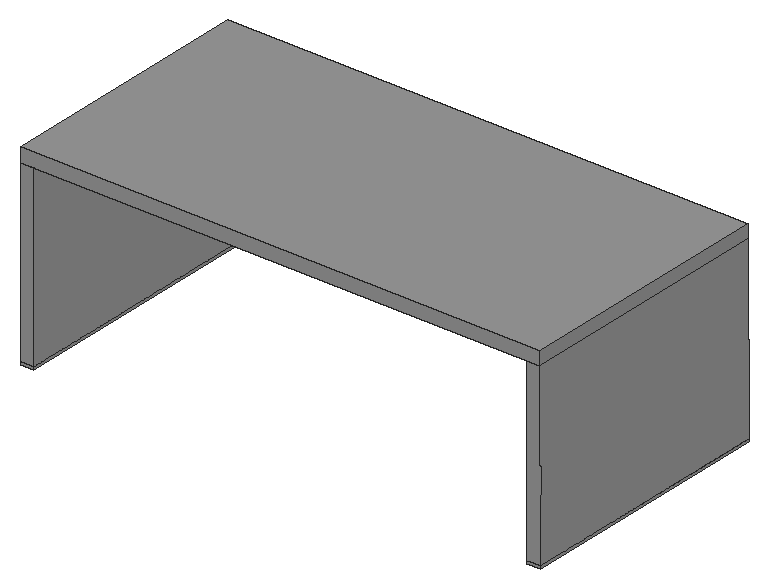
Revit family "Cocoon Community Table 48x96x36", category Generic Models, Revit 2018
Family settings
  Can host rebar = No
  Round Connector Dimension = Use Diameter
  Part Type = Normal
  Work Plane-Based = No
  Always vertical = Yes
  Cut with Voids When Loaded = No
  Shared = No
  Room Calculation Point = No
Parameters
  Frame = Cocoon Community Table 48x96x36 Frame
  Surface = Cocoon Community Table 48x96x36 Surface
Reference planes (in)
  plane 1 "Center (Front/Back)": y = 0
  plane 2: z = 0
  plane 3 "Center (Left/Right)": x = 0
Forms (in)
  Extrusion 1, solid, material "Cocoon Community Table 48x96x36 Frame" <- "Frame"
    sketch origin (0, 0, 0) x (1, 0, 0) y (0, 0, 1)
      loop
        line (-48, 0.5) -> (-48, 0) -> (-45.5, 0) -> (-45.5, 0.5) -> (-48, 0.5)
      loop
        line (48, 0.5) -> (45.5, 0.5) -> (45.5, 0) -> (48, 0) -> (48, 0.5)
    from -24 to 24
  Extrusion 2, solid, material "Cocoon Community Table 48x96x36 Surface" <- "Surface"
    sketch origin (0, 0, 7) x (1, 0, 0) y (0, 0, 1)
      loop
        line (-48, 29) -> (-48, 26.5) -> (48, 26.5) -> (48, 29) -> (-48, 29)
    from -24 to 24
  Extrusion 3, solid, material "Cocoon Community Table 48x96x36 Frame" <- "Frame"
    sketch origin (0, 0, 0) x (1, 0, 0) y (0, 0, 1)
      loop
        line (-48, 33.5) -> (-48, 0.5) -> (-45.5, 0.5) -> (-45.5, 33.5) -> (-48, 33.5)
      loop
        line (45.5, 33.5) -> (45.5, 0.5) -> (48, 0.5) -> (48, 33.5) -> (45.5, 33.5)
    from -24 to 24
  Extrusion 4, solid, material "Cocoon Community Table 48x96x36 Frame" <- "Frame"
    sketch origin (0, -90.74848, -14.58144) x (0, 1, 0) y (0, 0, 1)
      loop
        line (91.99848, 48.08144) -> (89.49848, 48.08144) -> (89.49848, 36.08144) -> (91.99848, 36.08144) -> (91.99848, 48.08144)
    from -45.5 to 45.5
Dimensions and locks (in)
  aligned and locked: level to plane 2
